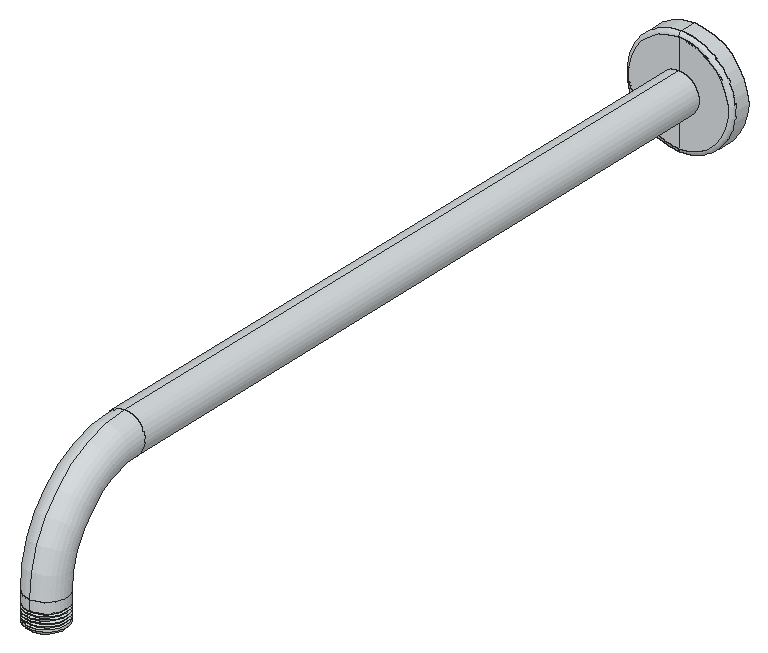
Revit family "Reece_Shower_Roca_Ona_Shower Arm", category Plumbing Fixtures, Revit 2018
Family settings
  Round Connector Dimension = Use Diameter
  Part Type = Normal
  Work Plane-Based = Yes
  Always vertical = Yes
  Cut with Voids When Loaded = Yes
  Shared = Yes
  Room Calculation Point = Yes
Parameters (values of type "400mm_Brushed Nickel")
  URL = "https://www.reece.com.au/product/-14954"
  Type Comments = "Shower"
  Reece_Shower_Inlet = 12 mm  # constant formula
  Reece_Product_Web Page = "https://www.reece.com.au/product/-14954"
  Reece_Product_Type = "Shower"  # constant formula
  Reece_Product_Sub Brand = "Ona"  # constant formula
  Reece_Product_Number = "14954"
  Reece_Product_Mount = "Wall Mounted"  # constant formula
  Reece_Product_Description = "Roca Ona Wall Straight Shower Arm 400mm Brushed Nickel"
  Reece_Product_Brand = "Roca"  # constant formula
  Reece_Overall_Projection = 111 mm  # constant formula
  Reece_Material_Main = Reece_Brass_Brushed Nickel
  Reece_Height_From_Level [instance] = 1600 mm
  Reece_Detail_Installation = ""
  Reece_Detail_Disclaimer = "THIS FILE IS THE PROPERTY OF THE REECE GROUP. IT MAY NOT BE REPRODUCED, REVERSE-ENGINEERED, OR MODIFIED. ANY REPUBLICATION, TRANSMISSION, OR DISTRIBUTION FOR THE PURPOSE OF COMMERCIALLY EXPLOITING THE FILES IS PROHIBITED."  # constant formula
  Reece_Detail_Connector = ""
  Reece_Detail_Additional = "Shower Arm\r\n"  # constant formula
  Reece_Arm_Reach = 414 mm  # constant formula
  Model = "Ona"
  Manufacturer = "Roca"
  Keynote = "Product #14954, Reece_Shower_Roca_Ona_Shower Arm - 400mm_Brushed Nickel"
  Disclaimer = "THIS FILE IS THE PROPERTY OF THE REECE GROUP. IT MAY NOT BE REPRODUCED, REVERSE-ENGINEERED, OR MODIFIED. ANY REPUBLICATION, TRANSMISSION, OR DISTRIBUTION FOR THE PURPOSE OF COMMERCIALLY EXPLOITING THE FILES IS PROHIBITED."  # constant formula
  Description = "Roca Ona Wall Straight Shower Arm 400mm Brushed Nickel"
  Default Elevation = 0 mm
Types (5, lengths in mm): name | URL | Reece_Product_Web Page | Reece_Product_Number | Reece_Product_Description | Reece_Material_Main | Keynote | Description
  400mm_Chrome | "https://www.reece.com.au/product/-14951" | "https://www.reece.com.au/product/-14951" | "14951" | "Roca Ona Wall Straight Shower Arm 400mm Chrome" | Reece_Brass_Chrome | "Product #14951, Reece_Shower_Roca_Ona_Shower Arm - 400mm_Chrome" | "Roca Ona Wall Straight Shower Arm 400mm Chrome"
  400mm_Brushed Brass | "https://www.reece.com.au/product/-14955" | "https://www.reece.com.au/product/-14955" | "14955" | "Roca Ona Wall Straight Shower Arm 400mm Brushed Brass" | Reece_Brass_Brushed | "Product #14955, Reece_Shower_Roca_Ona_Shower Arm - 400mm_Brushed Brass" | "Roca Ona Wall Straight Shower Arm 400mm Brushed Brass"
  400mm_Brushed Nickel | "https://www.reece.com.au/product/-14954" | "https://www.reece.com.au/product/-14954" | "14954" | "Roca Ona Wall Straight Shower Arm 400mm Brushed Nickel" | Reece_Brass_Brushed Nickel | "Product #14954, Reece_Shower_Roca_Ona_Shower Arm - 400mm_Brushed Nickel" | "Roca Ona Wall Straight Shower Arm 400mm Brushed Nickel"
  400mm_Matte White | "https://www.reece.com.au/product/-14953" | "https://www.reece.com.au/product/-14953" | "14953" | "Roca Ona Wall Straight Shower Arm 400mm Matte White" | Reece_Brass_Brushed Matte White | "Product #14953, Reece_Shower_Roca_Ona_Shower Arm - 400mm_Matte White" | "Roca Ona Wall Straight Shower Arm 400mm Matte White"
  400mm_Matte Black | "https://www.reece.com.au/product/-14952" | "https://www.reece.com.au/product/-14952" | "14952" | "Roca Ona Wall Straight Shower Arm 400mm Matte Black" | Reece_Brass_Matte Black | "Product #14952, Reece_Shower_Roca_Ona_Shower Arm - 400mm_Matte Black" | "Roca Ona Wall Straight Shower Arm 400mm Matte Black"
Reference planes
  plane 1 "Center (Front/Back)": y = 0
  plane 2 "Height From Floor": z = 1600
  plane 3 "Center (Left/Right)": x = 0
  plane 4 "Bottom Of Invisible Line": z = -5
  plane 5: y = -414
Forms (mm)
  Revolve 1, solid, material "Reece_Brass_Brushed Nickel" <- "Reece_Material_Main"
    sketch origin (0, 0, 0) x (0, 1, 0) y (0, 0, 1)
      loop
        line (0, 1600) -> (0, 1627.5) -> (-8, 1627.5)
        arc (-8, 1627.5) -> (-9.414, 1626.914) -> (-10, 1625.5) r 2
        line (-10, 1625.5) -> (-10, 1600) -> (0, 1600)
      axis (0, 1600) -> (-10, 1600)
    angle from 0 to 360
  Sweep 2, solid, material "Reece_Brass_Brushed Nickel" <- "Reece_Material_Main"
    path origin (0, 0, 0) x (0, 1, 0) y (0, 0, 1)
      loop
        line (0, 1600) -> (-364, 1600)
        arc (-364, 1600) -> (-399.355, 1585.355) -> (-414, 1550) r 50
        line (-414, 1550) -> (-414, 1534.7)
    profile origin (0, -182, 1600) x (0, 0, -1) y (1, 0, 0)
      loop
        circle (0, 0) r 10.3
  Revolve 3, void
    sketch origin (0, 0, 0) x (0, 1, 0) y (0, 0, 1)
      loop
        line (-401.22, 1542.7) -> (-399, 1542.7) -> (-399, 1544.7) -> (-403.714, 1544.7) -> (-404.384, 1544.031) -> (-403.642, 1543.289) -> (-404.384, 1542.548) -> (-403.642, 1541.806) -> (-404.384, 1541.064) -> (-403.642, 1540.323) -> (-404.384, 1539.581) -> (-403.642, 1538.84) -> (-404.384, 1538.098) -> (-403.144, 1536.858) -> (-405.302, 1534.7) -> (-405.302, 1535.688) -> (-414, 1535.688) -> (-414, 1533.353) -> (-401.22, 1533.353) -> (-401.22, 1542.7)
      axis (-414, 1544.7) -> (-414, 1533.353)
    angle from 0 to 360
Cuts and joins
  Revolve 3 cuts Sweep 2
  joined: Revolve 1, Sweep 2
Lines and regions (mm)
  model lines, style "InvisibleLines"
    curve 1: line (0, 0, -5) -> (0, 0, 1600)
Text (mm)
  text "Reece ©" at (-451.49, -37.234, -1020.679), in view "Ref. Level"
  text "Reece ©" at (2945.745, -2770.454, 4068.482), in view "Reece Preview"
Dimensions and locks
  locked: level to plane 4 "Bottom Of Invisible Line" at 5
  "Reece_Height_From_Level": plane 2 "Height From Floor" to level
  "Reece_Arm_Reach": plane 1 "Center (Front/Back)" to plane 5
  aligned and locked: plane 2 "Height From Floor" to curve 1
  aligned and locked: plane 4 "Bottom Of Invisible Line" to curve 1
  aligned and locked: plane 3 "Center (Left/Right)" to curve 1
  aligned and locked: Revolve 1 sketch curve to plane 2 "Height From Floor"
  aligned and locked: Sweep 2 sketch curve to plane 5
  aligned and locked: plane 1 "Center (Front/Back)" to Sweep 2 sketch curve
  aligned and locked: Revolve 3 sketch curve to plane 5
Automatic sketch dimensions
  Revolve 1 sketch curve to plane 2 "Height From Floor" = 0 mm
  Revolve 1 sketch curve to plane 1 "Center (Front/Back)" = 0 mm
  plane 1 "Center (Front/Back)" to Revolve 1 sketch curve = 8 mm
  plane 2 "Height From Floor" to Revolve 1 sketch curve = 25.5 mm
  Revolve 1 sketch curve to Revolve 1 sketch curve = 2 mm
  Revolve 1 sketch curve to plane 1 "Center (Front/Back)" = 223.394 mm
  Revolve 1 sketch curve to Revolve 1 sketch curve = 260 mm
  Sweep 2 sketch curve to plane 2 "Height From Floor" = 0 mm
  Sweep 2 sketch curve to plane 5 = 50 mm
  Sweep 2 sketch curve to Sweep 2 sketch curve = 15.3 mm
  Sweep 2 sketch curve to plane 3 "Center (Left/Right)" = 0 mm
  Sweep 2 sketch curve to profile plane = 0 mm
  Revolve 3 sketch curve to plane 5 = 0 mm
  Revolve 3 sketch curve to Revolve 3 sketch curve = 0.918 mm
  Revolve 3 sketch curve to Revolve 3 sketch curve = 0 mm  (x2)
  Revolve 3 sketch curve to Revolve 3 sketch curve = 0.669 mm
  Revolve 3 sketch curve to Revolve 3 sketch curve = 0.742 mm  (x6)
  Revolve 3 sketch curve to Revolve 3 sketch curve = 1.24 mm
  Revolve 3 sketch curve to Revolve 3 sketch curve = 1.924 mm
  Revolve 3 sketch curve to Revolve 3 sketch curve = 2.22 mm
  Revolve 3 sketch curve to plane 2 "Height From Floor" = 66.647 mm
  Revolve 3 sketch curve to Revolve 3 sketch curve = 1.347 mm
  Revolve 3 sketch curve to Revolve 3 sketch curve = 0.988 mm
  Revolve 3 sketch curve to Revolve 3 sketch curve = 1.17 mm
  Revolve 3 sketch curve to Revolve 3 sketch curve = 0.589 mm
  Revolve 3 sketch curve to Revolve 3 sketch curve = 5.356 mm
  Revolve 3 sketch curve to Revolve 3 sketch curve = 25 mm
  Revolve 3 sketch curve to Revolve 3 sketch curve = 8.698 mm
  radius of Sweep 2 sketch curve = 10.3 mm
Connectors
  piping at (0, 0, 1600), diameter 12, driven by "Reece_Shower_Inlet"
    settings: on cut or joined group of Revolve 1, Sweep 2, Revolve 3, index 1, connector inside diameter 609.6 mm, connector length 0 mm, flow factor 0, pipe flow 0.0 L/s, pressure drop 0.0 Pa, fitting loss kfactor 0, connector angle 0.00°, fixture units 0, engagement length 0 mm, angle of deflection 0.00°, flow configuration 0, flow direction 1, fitting loss method 0, system type 29, joint type 0, gender type 0, connector reference index -1, connector utility 0, adjustable connector no, is connector primary yes, connector description ""
